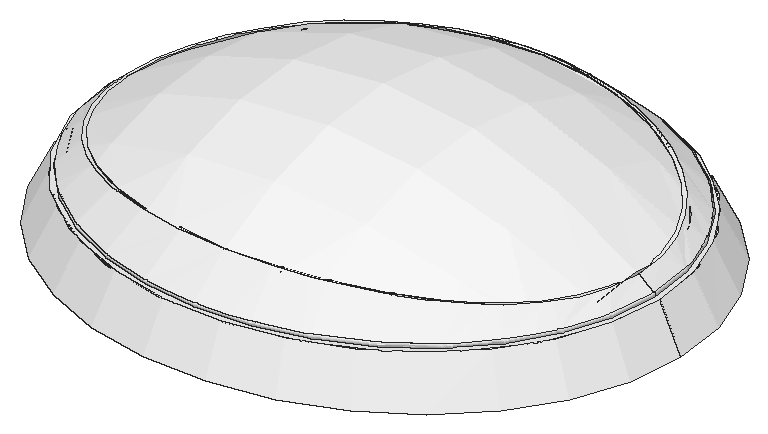
Revit family "4063805 Feilo Sylvania Lighting Fixtures BRIO IP65VR LED 3K SIL G2", category Lighting Fixtures, host Face, Revit 2017
Family settings
  Host = Face
  Round Connector Dimension = Use Diameter
  Part Type = Normal
  OmniClass Number = 23.80.70.00
  OmniClass Title = Lighting
  Cut with Voids When Loaded = No
  Light Source = Yes
  Shared = No
  Room Calculation Point = No
Parameters (values of type "4063805 BRIO IP65VR LED 3K SIL G2 High Output High Output")
  Weight = "3.0 kg"
  Wattage Comments = "n/a"
  Wattage = 17 W
  WarrantyStartDate [instance] = "n/a"
  WarrantyGuarantorParts = "n/a"
  WarrantyDurationUnit = "n/a"
  WarrantyDurationParts = "n/a"
  WarrantyDescription = "n/a"
  built-in parameter 1150110 = 1 (stored number, unit not read)
  Voltage = 230 V
  URL = "http://www.sylvania-lighting.com"
  TypeName = "BRIO IP65VR LED 3K SIL G2"
  Type Image = <None>
  Type Comments = "n/a"
  built-in parameter 1114217 = 1 (stored number, unit not read)
  Tilt Angle = -90.00°
  built-in parameter 1150109 = 1 (stored number, unit not read)
  built-in parameter 1150134 = (empty or 0)
  built-in parameter 1150113 = 1 (stored number, unit not read)
  SerialNumber [instance] = "n/a"
  ReflectorMaterial = none
  PowerFactor = 0.98
  PowerConsumption = "17 W"
  Photometric Web File = "4063805-HO.ies"
  NominalLength = 104 mm
  NominalHeight = 440 mm
  NominalDepth = 390 mm
  Name = "BRIO IP65VR LED 3K SIL G2"
  ModelReference = Name  # "BRIO IP65VR LED 3K SIL G2"
  ModelNumber = "4063805"
  Model = Name  # "BRIO IP65VR LED 3K SIL G2"
  Material = "aluminium body, polycarbonate diffuser"
  ManufacturerName = "Feilo Sylvania"
  Manufacturer = "Feilo Sylvania"
  LuminousEfficacy = "74 lm/W"
  built-in parameter 1150105 = 100.11 (stored number, unit not read)
  Lumens = 1258 lm
  LuminaireType = ""
  built-in parameter 1150115 = 1 (stored number, unit not read)
  LightOutputRatio = "100"
  built-in parameter 1150137 = (empty or 0)
  built-in parameter 1150139 = (empty or 0)
  LampsType = Lamp  # "LED"
  LampNominalLuminous = "1266 lm"
  LampMacAdamStep = "n/a"
  LampColourTemperature = "3000 K"
  LampColourRenderingIndex = "80"
  built-in parameter 1150112 = 1 (stored number, unit not read)
  built-in parameter 1150114 = 1 (stored number, unit not read)
  Lamp = "LED"
  Keynote = "16500"
  InstallationDate [instance] = "n/a"
  InputVoltage = "230-240V~"
  InputNominalFrequency = "50/60 Hz"
  built-in parameter 1150132 = (empty or 0)
  built-in parameter 1150102 = (empty or 0)
  built-in parameter 1150107 = 3000 (stored number, unit not read)
  built-in parameter 1150138 = (empty or 0)
  IngressProtection = "IP65"
  ImpactProtectionIndex = "IK10"
  built-in parameter 1150106 = 1.0011 (stored number, unit not read)
  IfcExportType = "IfcLightFixtureType"
  IfcExportAs = "IfcLightFixtureType"
  ExpectedLife = 50000
  Emit from Circle Diameter = 300 mm
  Emit Shape Visible in Rendering = no
  ElectricShockClassification = "Class I"
  built-in parameter 1150104 = 6.8748 (stored number, unit not read)
  DurationUnit = "hours"
  DocumentationLiterature = "http://www.sylvania-lighting.com/product/en-int/products/4063805"
  DimmingControlOptions = "n/a"
  Dimming Lamp Color Temperature Shift = <None>
  DiffuserMaterial = Diffuser-Sylvania-BrioIP65VR-Opal
  Description = "Led exterior bulkhead, Unique feature allowing a choice between High Output or High Efficiency with the flick of a switch, die-cast aluminium body,  vandal resistant, 665/1266LM, 9/17W, 74/74lm/W, 3000K, Driver Current: 350/750mA, CRI80, Non dimmable, IP55,IK10, 50,000hrs (L70), (HxWxD) 358 x 408 x 104mm, 3kg,   3 step MacAdam ellipse ,RAL 9006, Class 1, 230V,  energy class: A++, A+, A"
  Default Elevation = 1219.2 mm
  CreatedOn = "23/11/2017"
  CreatedBy = ""
  Cost = 0
  Color Filter = 16777215
  built-in parameter 1114216 [instance] = (empty or 0)
  ClassificationValue = "EF_70_80"
  ClassificationName = "Uniclass2015"
  BodyMaterial = Body-Sylvania-BrioIP65VR-Silver
  BarCode [instance] = "n/a"
  built-in parameter 1114218 = 1 (stored number, unit not read)
  built-in parameter 1150133 = 10 (stored number, unit not read)
  AssetType = "Fixed"
  AssetIdentifier [instance] = "n/a"
  Assembly Code = "D5020200"
  Apparent Load = 17 VA
  AccessoryMaterial = none
Types (2, lengths in mm): name | Wattage | PowerConsumption | Photometric Web File | built-in parameter 1150105 | Lumens | LampNominalLuminous | built-in parameter 1150106 | Apparent Load
  4063805 BRIO IP65VR LED 3K SIL G2 High Output High Output | 17 W | "17 W" | "4063805-HO.ies" | 100.11 (stored number, unit not read) | 1258 lm | "1266 lm" | 1.0011 (stored number, unit not read) | 17 VA
  4063805 BRIO IP65VR LED 3K SIL G2 High Efficiency High Efficiency | 9 W | "9 W" | "4063805-HE.ies" | 52.999 (stored number, unit not read) | 666 lm | "665 lm" | 0.52999 (stored number, unit not read) | 9 VA
Reference planes
  plane 1 "Center (Front/Back)": y = 0
  plane 2: z = 0
  plane 3 "Center (Left/Right)": x = 0
  plane 4: x = 220
  plane 5: x = -220
  plane 6: y = 195
  plane 7: y = -195
  plane 8: z = 104
  plane 9: z = 32.5
  plane 10: z = 60
  plane 11: x = -172.7
  plane 12: x = -203.7
  plane 13: z = 45
  plane 14: y = -147.7
  plane 15: y = 147.7
  plane 16: z = 58.9
  plane 17: y = 146.8
  plane 18: y = -146.8
  plane 19: y = -148.7
  plane 20: y = 148.7
  plane 21: x = -193.7
Forms (mm)
  Blend 1, solid, material "Body-Sylvania-BrioIP65VR-Silver" <- "BodyMaterial"
    base sketch origin (0, 0, 0) x (1, 0, 0) y (0, 1, 0)
      loop
        spline (-220, 0) -> (-212.504, -50.47) -> (-190.526, -97.5) -> (-155.563, -137.886) -> (-110, -168.875) -> (-56.94, -188.356) -> (0, -195) -> (56.94, -188.356) -> (110, -168.875) -> (155.563, -137.886) -> (190.526, -97.5) -> (212.504, -50.47) -> (220, 0)
        spline (220, 0) -> (212.504, 50.47) -> (190.526, 97.5) -> (155.563, 137.886) -> (110, 168.875) -> (56.94, 188.356) -> (0, 195) -> (-56.94, 188.356) -> (-110, 168.875) -> (-155.563, 137.886) -> (-190.526, 97.5) -> (-212.504, 50.47) -> (-220, 0)
    top sketch origin (0, 0, 0) x (1, 0, 0) y (0, 1, 0)
      loop
        spline (-203.75, 0) -> (-196.807, -46.329) -> (-176.453, -89.5) -> (-144.073, -126.572) -> (-101.875, -155.019) -> (-52.734, -172.901) -> (0, -179) -> (52.734, -172.901) -> (101.875, -155.019) -> (144.073, -126.572) -> (176.453, -89.5) -> (196.807, -46.329) -> (203.75, 0)
        spline (203.75, 0) -> (196.807, 46.329) -> (176.453, 89.5) -> (144.073, 126.572) -> (101.875, 155.019) -> (52.734, 172.901) -> (0, 179) -> (-52.734, 172.901) -> (-101.875, 155.019) -> (-144.073, 126.572) -> (-176.453, 89.5) -> (-196.807, 46.329) -> (-203.75, 0)
    from 0 to 32.5
  Sweep 2, solid, material "Body-Sylvania-BrioIP65VR-Silver" <- "BodyMaterial"
    path in 3D
      loop
        spline (203.75, 0, 32.5) -> (196.807, -46.329, 32.5) -> (176.453, -89.5, 32.5) -> (144.073, -126.572, 32.5) -> (101.875, -155.019, 32.5) -> (52.734, -172.901, 32.5) -> (0, -179, 32.5) -> (-52.734, -172.901, 32.5) -> (-101.875, -155.019, 32.5) -> (-144.073, -126.572, 32.5) -> (-176.453, -89.5, 32.5) -> (-196.807, -46.329, 32.5) -> (-203.75, 0, 32.5)
        spline (-203.75, 0, 32.5) -> (-196.807, 46.329, 32.5) -> (-176.453, 89.5, 32.5) -> (-144.073, 126.572, 32.5) -> (-101.875, 155.019, 32.5) -> (-52.734, 172.901, 32.5) -> (0, 179, 32.5) -> (52.734, 172.901, 32.5) -> (101.875, 155.019, 32.5) -> (144.073, 126.572, 32.5) -> (176.453, 89.5, 32.5) -> (196.807, 46.329, 32.5) -> (203.75, 0, 32.5)
    profile origin (-203.75, 0, 32.5) x (-1, 0, 0) y (0, 0, 1)
      loop
        line (-31.05, 27.5) -> (-32.113, 26.437) -> (-10.05, 6.897) -> (-10.05, 1.5) -> (-31.05, 1.5) -> (-31.05, 0) -> (-5.172, 0)
        arc (-5.172, 0) -> (-3.338, 1.266) -> (-3.872, 3.429) r 1.961
        line (-3.872, 3.429) -> (-31.05, 27.5)
  Extrusion 3, void
    sketch origin (0, 0, 0) x (0, 1, 0) y (0, 0, 1)
      loop
        arc (-148.7, 60) -> (0, 45) -> (148.7, 60) r 744.556
        line (148.7, 60) -> (-148.7, 60)
    from -220 to 220
  Sweep 4, solid, material "Diffuser-Sylvania-BrioIP65VR-Opal" <- "DiffuserMaterial"
    path in 3D
      loop
        arc (0, 146.8, 58.9) -> (0, 0, 104) -> (0, -146.8, 58.9) r 261.466
    profile origin (0, 0, 104) x (0, 0, -1) y (1, 0, 0)
      loop
        line (59, -187.374) -> (61.459, -185.655)
        arc (61.459, -185.655) -> (3, 0) -> (61.459, 185.655) r 324.034
        line (61.459, 185.655) -> (59, 187.374)
        arc (59, 187.374) -> (0, 0) -> (59, -187.374) r 327.034
  Extrusion 5, void
    sketch origin (0, 0, 0) x (1, 0, 0) y (0, 1, 0)
      loop
        spline (-193.7, 0) -> (-187.1, -38.486) -> (-167.749, -74.35) -> (-136.967, -105.147) -> (-96.85, -128.778) -> (-50.133, -143.633) -> (0, -148.7) -> (50.133, -143.633) -> (96.85, -128.778) -> (136.967, -105.147) -> (167.749, -74.35) -> (187.1, -38.486) -> (193.7, 0)
        spline (193.7, 0) -> (187.1, 38.486) -> (167.749, 74.35) -> (136.967, 105.147) -> (96.85, 128.778) -> (50.133, 143.633) -> (0, 148.7) -> (-50.133, 143.633) -> (-96.85, 128.778) -> (-136.967, 105.147) -> (-167.749, 74.35) -> (-187.1, 38.486) -> (-193.7, 0)
      loop
        line (-203.7, 195) -> (-203.7, -195) -> (220, -195) -> (220, 195) -> (-203.7, 195)
    from 0 to 60
Cuts and joins
  Extrusion 3 cuts Sweep 2
  Extrusion 5 cuts Sweep 4
Lines and regions (mm)
  sketch lines
    curve 1: spline (-203.75, 0, 32.5) -> (-196.807, 46.329, 32.5) -> (-176.453, 89.5, 32.5) -> (-144.073, 126.572, 32.5) -> (-101.875, 155.019, 32.5) -> (-52.734, 172.901, 32.5) -> (0, 179, 32.5) -> (52.734, 172.901, 32.5) -> (101.875, 155.019, 32.5) -> (144.073, 126.572, 32.5) -> (176.453, 89.5, 32.5) -> (196.807, 46.329, 32.5) -> (203.75, 0, 32.5)
    curve 2: spline (203.75, 0, 32.5) -> (196.807, -46.329, 32.5) -> (176.453, -89.5, 32.5) -> (144.073, -126.572, 32.5) -> (101.875, -155.019, 32.5) -> (52.734, -172.901, 32.5) -> (0, -179, 32.5) -> (-52.734, -172.901, 32.5) -> (-101.875, -155.019, 32.5) -> (-144.073, -126.572, 32.5) -> (-176.453, -89.5, 32.5) -> (-196.807, -46.329, 32.5) -> (-203.75, 0, 32.5)
    curve 4: arc (0, 146.8, 58.9) -> (0, 0, 104) -> (0, -146.8, 58.9) r 261.466
  reference lines
    curve 3: arc (0, 146.8, 58.9) -> (0, 0, 104) -> (0, -146.8, 58.9) r 261.466
Dimensions and locks
  equal spacing: plane 5, plane 3 "Center (Left/Right)", plane 4
  locked: plane 5 to plane 4 at 440
  equal spacing: plane 7, plane 1 "Center (Front/Back)", plane 6
  locked: plane 7 to plane 6 at 390
  locked: plane 8 to plane 2 at 104
  plane 9 to plane 2 = 32.5 mm
  locked: Blend 1 sketch curve to Blend 1 sketch curve at 195
  locked: Blend 1 sketch curve to Blend 1 sketch curve at 220
  locked: Blend 1 sketch curve to Blend 1 sketch curve at 203.75
  locked: Blend 1 sketch curve to Blend 1 sketch curve at 179
  locked: plane 10 to plane 9 at 27.5
  locked: plane 12 to plane 5 at 16.3
  locked: plane 11 to plane 5 at 47.3
  locked: plane 10 to plane 13 at 15
  equal spacing: plane 14, plane 1 "Center (Front/Back)", plane 15
  locked: plane 7 to plane 14 at 47.3
  locked: Sweep 2 sketch curve to Sweep 2 sketch curve at 1.5
  locked: Sweep 2 sketch curve to plane 9 at 1.5
  locked: plane 16 to plane 10 at 1.1
  equal spacing: plane 18, plane 1 "Center (Front/Back)", plane 17
  locked: plane 14 to plane 18 at 0.9
  locked: plane 2 to curve 3 at 157.466
  equal spacing: plane 19, plane 1 "Center (Front/Back)", plane 20
  locked: plane 19 to plane 14 at 1
  locked: Extrusion 3 sketch curve to plane 2 at 789.556
  locked: plane 21 to plane 12 at 10
  aligned and locked: plane 2 to host face
  aligned and locked: level to host face
  aligned and locked: plane 3 "Center (Left/Right)" to Blend 1 sketch curve  (x2)
  aligned and locked: plane 1 "Center (Front/Back)" to Blend 1 sketch curve  (x4)
  aligned and locked: Blend 1 to plane 9
  aligned and locked: Sweep 2 sketch curve to profile plane
  aligned and locked: plane 4 to Extrusion 3
  aligned and locked: plane 10 to Sweep 2 sketch curve
  aligned and locked: plane 17 to curve 3
  aligned and locked: plane 16 to curve 3  (x2)
  aligned and locked: plane 18 to curve 3
  aligned and locked: plane 13 to Sweep 4 sketch curve
  aligned and locked: plane 10 to Extrusion 3 sketch curve
  aligned and locked: plane 20 to Extrusion 3 sketch curve
  aligned and locked: plane 19 to Extrusion 3 sketch curve
  aligned and locked: plane 1 "Center (Front/Back)" to Extrusion 3 sketch curve
  aligned and locked: Extrusion 3 to plane 5
  aligned and locked: imposter light to plane 8
  aligned and locked: plane 3 "Center (Left/Right)" to imposter light
  aligned and locked: imposter light to plane 1 "Center (Front/Back)"
  aligned and locked: plane 21 to Sweep 2 sketch curve
  aligned and locked: Sweep 2 sketch curve to plane 21
  aligned and locked: plane 3 "Center (Left/Right)" to Extrusion 5 sketch curve
  aligned and locked: plane 1 "Center (Front/Back)" to Extrusion 5 sketch curve  (x2)
  aligned and locked: plane 6 to Extrusion 5 sketch curve
  aligned and locked: Extrusion 5 sketch curve to plane 7
  aligned and locked: Extrusion 5 sketch curve to plane 4
  aligned and locked: plane 12 to Extrusion 5 sketch curve
  aligned and locked: Extrusion 5 to level
  aligned and locked: Extrusion 5 to plane 10
Automatic sketch dimensions
  host sketch curve to host sketch curve = 2438.4 mm  (x2)
  Sweep 4 sketch curve to Sweep 4 sketch curve = 0 mm  (x2)
  Sweep 4 sketch curve to profile plane = 0 mm
  Sweep 4 sketch curve to Sweep 4 sketch curve = 2.459 mm  (x2)
  Sweep 4 sketch curve to Sweep 4 sketch curve = 265.575 mm
  Sweep 4 sketch curve to profile plane = 185.655 mm
  Sweep 4 sketch curve to Sweep 4 sketch curve = 1.719 mm
  Sweep 4 sketch curve to profile plane = 59 mm
  Sweep 2 sketch curve to Sweep 2 sketch curve = 21 mm
  Sweep 2 sketch curve to Sweep 2 sketch curve = 0 mm
  profile plane to Sweep 2 sketch curve = 26.437 mm
  Sweep 2 sketch curve to Sweep 2 sketch curve = 1.063 mm
  profile plane to Sweep 2 sketch curve = 1.961 mm
  profile plane to Sweep 2 sketch curve = 3.429 mm
  Extrusion 5 sketch curve to plane 21 = 0 mm
Connectors
  electrical at (0, 0, 0), driven by "Apparent Load", driven by "PowerFactor", driven by "Voltage"
    settings: index 1, voltage 230 V, apparent load 17 VA, apparent load phase1 0 VA, apparent load phase2 0 VA, apparent load phase3 0 VA, power factor 0.98, load classification "Lighting", number of poles 1, system type 30, power factor state 1, is connector primary yes, connector utility no, sub classification motor no, connector description ""
